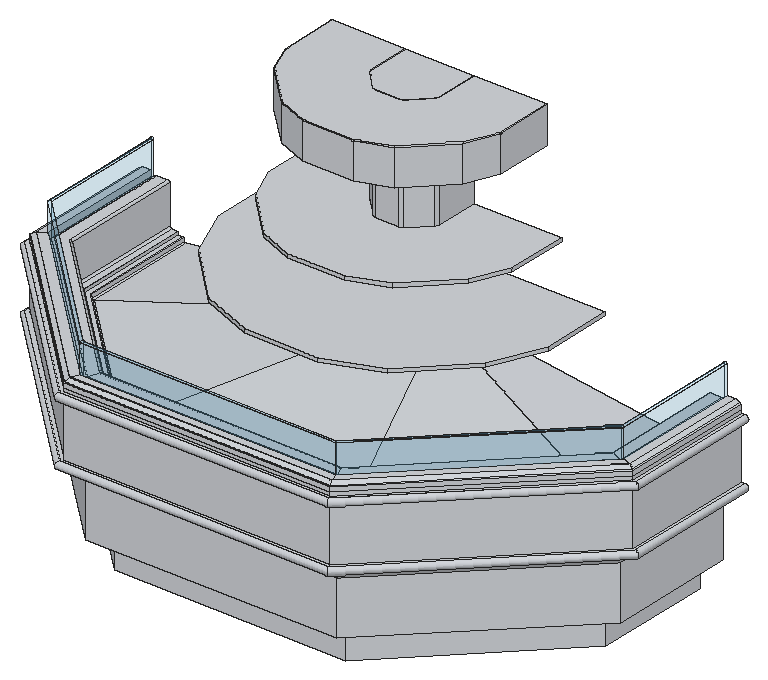
Revit family "O3EIF", category Mechanical Equipment, Revit 2019
Family settings
  Round Connector Dimension = Use Radius
  Part Type = Normal
  OmniClass Number = 23.40.40.11.17
  OmniClass Title = Refrigerated Cases
  Work Plane-Based = Yes
  Always vertical = Yes
  Cut with Voids When Loaded = No
  Shared = No
  Room Calculation Point = No
Parameters (values of type "O3EIF")
  WIDTH = 42 3/8"  # constant formula
  WEIGHT = 0.00 lbf  # constant formula
  WATER LINE MOUNTING HEIGHT ABOVE FLOOR = 0"  # constant formula
  VOLTAGE = 120 V  # constant formula
  URL = "http://www.hillphoenix.com/case-model/o3eif-produce/"
  TIME OFF DEFROST = yes
  T8 LIGHTING BTU ADD PER ROW = 80
  T8 LIGHTING AMPS = T8 LIGHTING AMPS PER ROW * (SHELF LIGHT ROWS + CORNICE AND NOSE LIGHT ROWS)  # 0.84 A
  SHELF LIGHT ROWS = 3
  REVERSE AIR DEFROST = no
  PARALLEL EVAPORATOR LOAD = (BTU PER FOOT PARALLEL * LENGTH FOR BTU) + BTU ADD FOR LIGHTS  # 19880
  LIGHTING WATTAGE = if(T8 LIGHT OR LED LIGHT, T8 LIGHTING WATTAGE, LED LIGHTING WATTAGE)  # 100.8 VA
  LIGHT AMPS = if(T8 LIGHT OR LED LIGHT, T8 LIGHTING AMPS, LED LIGHTING AMPS)  # 0.84 A
  TOTAL CASE WATTAGE = FAN WATTAGE + ANTI SWEAT HEATER WATTAGE + LIGHTING WATTAGE  # 121.8 W
  TOTAL CASE AMPS = ANTI SWEAT HEATER AMPS + FAN AMPS + LIGHT AMPS  # 1.14 A
  TOTAL APPARENT FAN-LIGHT AND A/S LOAD = TOTAL CASE WATTAGE / POWER FACTOR  # 121.8 VA
  TOEKICK INSET = 1 1/2"  # constant formula
  TOEKICK HEIGHT = 5 1/2"  # constant formula
  TOE KICK [instance] = none
  T8 LIGHTING WATTAGE = VOLTAGE * T8 LIGHTING AMPS  # 100.8 W
  T8 LIGHTING AMPS PER ROW = 0.28 A
  T8 LIGHT OR LED LIGHT = yes
  SUCTION LINE RADIUS = 7/16"  # constant formula
  SUCTION LINE DIAMETER = SUCTION LINE RADIUS * 2  # 7/8"
  SUCTION LINE CONNECTION = "SUCTION LINE CONNECTION"  # constant formula
  SIZE OF HOT WATER HOOK-UP = 0"  # constant formula
  SIZE OF COLD WATER HOOK UP = 0"  # constant formula
  SET BACK MODE FOR ENERGY CONSERVATION = "NO"  # constant formula
  RUBBER BUMPER [instance] = none
  REFRIGERATION PIPING [instance] = none
  REF PLANE LEFT RIGHT = LENGTH / 2  # 42.16602"
  REF PLANE FRONT BACK = WIDTH / 2  # 21 3/16"
  RECEPTICAL MOUNTING HEIGHT ABOVE FLOOR = 19 3/4"  # constant formula
  PVC PIPE [instance] = none
  PRESSURE REGULATOR = 0.00 psi  # constant formula
  POWER FACTOR = 1  # constant formula
  PNET NUMBER = "NA"  # constant formula
  PHASE = 1  # constant formula
  PAINTED METAL UPPER SHELF [instance] = none
  PAINTED METAL INTERIOR [instance] = none
  PAINTED METAL EXTERIOR [instance] = none
  NUMBER OF WIRES = 3  # constant formula
  NEMA PLUG TYPE = "N/A"  # constant formula
  Model = "O3EIF"
  Manufacturer = "HILL PHOENIX"  # constant formula
  MASTER BUMPER [instance] = none
  LIQUID LINE RADIUS = 3/16"  # constant formula
  LIQUID LINE DIAMETER = LIQUID LINE RADIUS * 2  # 3/8"
  LIQUID LINE CONNECTION = "LIQUID LINE CONNECTION"  # constant formula
  LIGHTING NUMBER OF POLES = 1
  LIGHTING CONNECTION DESCRIPTION = "LIGHTING CONNECTOR"  # constant formula
  LIGHTING APPARENT LOAD = (VOLTAGE * LIGHT AMPS) / POWER FACTOR  # 100.8 VA
  LIGHT TYPE = if(T8 LIGHT OR LED LIGHT, "T8 FLUORESCENT", "CLEARVOYANT LED")  # "T8 FLUORESCENT"
  LENGTH FOR BTU = LENGTH / 12"  # 7
  LENGTH = 84 85/256"  # constant formula
  LEGEND NUMBER = Model  # "O3EIF"
  LEFT END [instance] = yes
  LED LIGHTING WATTAGE = VOLTAGE * LED LIGHTING AMPS  # 28.8 W
  LED LIGHTING BTU ADD PER ROW = 36
  LED LIGHTING AMPS PER ROW = 0.08 A
  LED LIGHTING AMPS = LED LIGHTING AMPS PER ROW * (SHELF LIGHT ROWS + CORNICE AND NOSE LIGHT ROWS)  # 0.24 A
  Keynote = "Deli / Meat"  # constant formula
  ISOLATED GROUND REQUIRED = "NO"  # constant formula
  HOT GAS DEFROST = no
  HILL PHOENIX DRAWING NUMBER = "NA"  # constant formula
  HEIGHT = 52 1/8"  # constant formula
  GROUND FAULT PROTECTION = "NO"  # constant formula
  GLASS [instance] = Glass
  FRONT PANEL [instance] = none
  FAN WATTAGE = 21 W
  FAN TYPE = "ECM"  # constant formula
  FAN QUANTITY = 2
  FAN NUMBER OF POLES = 1
  FAN CONNECTOR DESCRIPTION = "FAN AND ANTI SWEAT CONNECTOR"  # constant formula
  FAN APPARENT LOAD = (VOLTAGE * FAN AMPS) / POWER FACTOR  # 36 VA
  FAN AND ANTI SWEAT HEATER APPARENT LOAD = FAN APPARENT LOAD + ANTI SWEAT APPARENT LOAD  # 36 VA
  FAN AMPS = 0.3 A
  EVAPORATOR TEMPERATURE = 22 °F  # constant formula
  EQUIPMENT MARK = "O3EIF"
  ENGINEERING CONTACT = ""  # constant formula
  END PANEL [instance] = none
  ELECTRICAL DEFROST VOLTAGE = if(ELECTRIC DEFROST, 208 V, 0 V)  # 0 V
  ELECTRIC DEFROST = no
  Description = "Multi-Deck Island End Cap Merchandiser"  # constant formula
  Default Elevation = 48"
  DRIP PAN PLUMB TYPE = "HARD"  # constant formula
  DRAIN PIPE TYPE = "PVC"  # constant formula
  DRAIN PIPE LENGTH = 0"
  DRAIN LINE RADIUS = DRAIN LINE DIAMETER / 2  # 3/4"
  DRAIN LINE DIAMETER = 1 1/2"  # constant formula
  DRAIN LINE CONNECTION = "Drain Connection"  # constant formula
  DRAIN [instance] = yes
  DISCLAIMER [instance] = yes
  DISCHARGE AIR TEMPERATURE = 30 °F  # constant formula
  DIEBOARD HEIGHT = 0"  # constant formula
  DESIGNERS NAME = "PRAVEEN.J"  # constant formula
  DEFROST WATTAGE = ELECTRICAL DEFROST VOLTAGE * DEFROST AMPS  # 0 W
  DEFROST TIME AND DURATION = if(TIME OFF DEFROST, "2 @ 60 MIN", if(HOT GAS DEFROST, "2 @ 26 MIN.", "2 @ 40 MIN."))  # "2 @ 60 MIN"
  DEFROST PHASE = 1
  DEFROST AMPS = 0 A
  DEDICATED CIRCUIT = "YES"  # constant formula
  DATE = "05/22/12"  # constant formula
  CORNICE AND NOSE LIGHT ROWS = 0
  CONVENTIONAL EVAPORATOR LOAD = (BTU PER FOOT CONVENTIONAL * LENGTH FOR BTU) + BTU ADD FOR LIGHTS  # 21532
  CONTROL TYPE = "T-STAT"  # constant formula
  COIL REFRIGERATION CHARGE = 0.00 lbf
  CERTIFICATIONS = "NSF 7, UL471, CSA"  # constant formula
  BTU PER FOOT PARALLEL = 2600  # constant formula
  BTU PER FOOT CONVENTIONAL = 2836  # constant formula
  BTU ADD PER SHELF PER FOOT = if(T8 LIGHT OR LED LIGHT, T8 LIGHTING BTU ADD PER ROW, LED LIGHTING BTU ADD PER ROW)  # 80
  BTU ADD FOR LIGHTS = BTU ADD PER SHELF PER FOOT * SHELF LIGHT ROWS * LENGTH FOR BTU  # 1680
  BOTTOM REFRIGERATION [instance] = yes
  BOTTOM ELECTRICAL [instance] = yes
  BASE HEIGHT = 10"  # constant formula
  BASE [instance] = none
  Assembly Code = ""
  ANTI SWEAT HEATER WATTAGE = ANTI SWEAT HEATER AMPS * VOLTAGE  # 0 W
  ANTI SWEAT HEATER AMPS = 0 A
  ANTI SWEAT APPARENT LOAD = (ANTI SWEAT HEATER AMPS * VOLTAGE) * POWER FACTOR  # 0 VA
Types (2): name
  O3EIF
  o3eif 2 for schedule use
Reference planes (in)
  plane 1: z = 0.0196313
  plane 2 "CASE BACK": y = -13.7404381
  plane 3 "CENTER(LEFT/RIGHT)": x = 42.1660156
  plane 4 "CENTER(FRONT/BACK)": y = -34.9279381
  plane 5: y = -56.1154381
  plane 6: z = 10
  plane 7: z = 0
  plane 8: z = 23
  plane 9: z = 14.625
  plane 10: z = 25.0165477
  plane 11: z = 0
  plane 12: z = 52.0335013
  plane 13 "LEFT": x = -0.0949842
  plane 14: x = 84.4271164
  plane 15: x = 6.4675158
Forms (in)
  Sweep 1, solid, material <- "BASE"
    path origin (0, 0, 0) x (1, 0, 0) y (0, 1, 0)
      loop
        line (72.7001845, -13.7404381) -> (72.7001845, -27.7331042) -> (55.9458379, -44.4774381) -> (28.3862944, -44.4774381) -> (11.6319478, -27.7331042) -> (11.6319478, -13.7404381)
    profile origin (11.6319478, -20.7367711, 0) x (-1, 0, 0) y (0, 0, 1)
      loop
        line (5.0307634, 4.633987) -> (8.2704478, 4.633987) -> (8.2704478, 12.0471682) -> (4.6364372, 9.0242705) -> (0.0858323, 9.0242705) -> (0.0858323, 0.203)
        arc (0.0858323, 0.203) -> (0.1452896, 0.0594573) -> (0.2888323, 0) r 0.203
        line (0.2888323, 0) -> (5.0298399, 0) -> (5.0307634, 4.633987)
  Sweep 2, solid, material <- "RUBBER BUMPER"
    path origin (0, 0, 0) x (1, 0, 0) y (0, 1, 0)
      loop
        line (0.8819478, -13.7404381) -> (0.8819478, -32.1877823) -> (23.9353807, -55.2274381) -> (60.3967515, -55.2274381) -> (83.4501845, -32.1877823) -> (83.4501845, -13.7404381)
    profile origin (0.8819478, -22.9641102, 0) x (1, 0, 0) y (0, 0, 1)
      loop
        arc (-0.476932, 23.506245) -> (-0.976932, 23.006245) -> (-0.476932, 22.506245) r 0.5
        line (-0.476932, 22.506245) -> (0.0455353, 22.506245) -> (0.0455353, 23.506245) -> (-0.476932, 23.506245)
      loop
        line (-0.476932, 14.094273) -> (0.0455353, 14.094273) -> (0.0455353, 15.094273) -> (-0.476932, 15.094273)
        arc (-0.476932, 15.094273) -> (-0.976932, 14.594273) -> (-0.476932, 14.094273) r 0.5
  Sweep 3, solid, material <- "MASTER BUMPER"
    path origin (0, 0, 0) x (1, 0, 0) y (0, 1, 0)
      loop
        line (3.3615, -13.7404381) -> (3.3615, -31.160284) -> (24.9620107, -52.7478859) -> (59.3701215, -52.7478859) -> (80.9706323, -31.160284) -> (80.9706323, -13.7404381)
    profile origin (3.3615, -22.4503611, 0) x (1, 0, 0) y (0, 0, 1)
      loop
        line (-2.4343319, 23.9249842) -> (-2.434, 14.0942743) -> (-2.4169218, 14.0576501) -> (3.6340106, 9.0242718) -> (10.7785785, 9.0242718) -> (10.7785785, 11.4684693) -> (3.9751353, 11.2831545) -> (-0.2214215, 14.9250589) -> (-0.2214215, 23.9249842) -> (-2.4343319, 23.9249842)
  Sweep 4, solid, material <- "PAINTED METAL UPPER SHELF"
    path origin (0, 0, 0) x (1, 0, 0) y (0, 1, 0)
      loop
        line (46.7208617, -13.7404389) -> (46.7208617, -19.5730885) -> (46.5265547, -20.0129004) -> (44.1918151, -22.3768403) -> (43.750282, -22.5477837) -> (40.565124, -22.5477837) -> (40.1281816, -22.372764) -> (37.7909676, -20.02098) -> (37.6111695, -19.586909) -> (37.6111695, -13.7404389)
    profile origin (37.6111695, -16.663674, 0) x (-1, 0, 0) y (0, 0, 1)
      loop
        line (0.1259359, 29.3888908) -> (0.1259359, 26.693671) -> (1.6108169, 26.7588908) -> (14.7508169, 28.6988908) -> (14.7508169, 28.8888908) -> (18.1308169, 28.8888908) -> (18.1308169, 29.3888908) -> (0.1259359, 29.3888908)
      loop
        line (0.1259359, 33.678478) -> (1.6108169, 33.7588908) -> (8.7508169, 35.6388908) -> (8.7508169, 35.8888908) -> (12.1308169, 35.8888908) -> (12.1308169, 36.3888908) -> (0.1259359, 36.3888908) -> (0.1259359, 33.678478)
  Extrusion 5, solid, material <- "PAINTED METAL INTERIOR"
    sketch origin (0, 0, 0) x (1, 0, 0) y (0, 1, 0)
      loop
        line (37.4852336, -19.6119592) -> (37.6841265, -20.0921291) -> (40.0571981, -22.4799943) -> (40.5408397, -22.6737196) -> (43.7738097, -22.6737196) -> (44.2624519, -22.4845374) -> (46.6324049, -20.0849437) -> (46.8467976, -19.5996683) -> (46.8467976, -13.7404389) -> (37.4852336, -13.7404389) -> (37.4852336, -19.6119592)
    from 2.949 to 52.0335013
  Sweep 6, solid, material <- "PAINTED METAL EXTERIOR"
    path origin (0, 0, 0) x (1, 0, 0) y (0, 1, 0)
      loop
        line (46.7208617, -13.7404389) -> (46.7208617, -19.5730885) -> (46.5265547, -20.0129004) -> (44.1918151, -22.3768403) -> (43.750282, -22.5477837) -> (40.565124, -22.5477837) -> (40.1281816, -22.372764) -> (37.7909676, -20.02098) -> (37.6111695, -19.586909) -> (37.6111695, -13.7404389)
    profile origin (37.6111695, -16.663674, 0) x (-1, 0, 0) y (0, 0, 1)
      loop
        arc (10.1836359, 51.9420013) -> (10.1567133, 52.0065788) -> (10.0921359, 52.0335013) r 0.0919228
        line (10.0921359, 52.0335013) -> (0.1259359, 52.0335013) -> (0.1259359, 47.3355487) -> (0.9334428, 47.25159) -> (1.0050063, 47.2748424) -> (2.584189, 48.696745) -> (2.659604, 48.7006973) -> (3.3674938, 48.1863852) -> (3.3807677, 48.1025771) -> (3.2338214, 47.9003228) -> (3.2167041, 47.8273289) -> (3.2601522, 47.7670735) -> (3.334152, 47.757036) -> (4.4774746, 48.0443641) -> (5.8050678, 48.0443641) -> (5.8521938, 48.0574333) -> (9.2381151, 50.0863178) -> (9.6761151, 50.0863178) -> (9.7386151, 50.0238178) -> (9.7386151, 47.0103178) -> (10.1836359, 47.0103178) -> (10.1836359, 51.9420013)
  Sweep 7, solid, material <- "PAINTED METAL INTERIOR"
    path origin (0, 0, 0) x (1, 0, 0) y (0, 1, 0)
      loop
        line (76.9954969, -13.7404381) -> (76.9954969, -29.513033) -> (57.7242625, -48.7727505) -> (26.6078698, -48.7727505) -> (7.3366353, -29.513033) -> (7.3366353, -13.7404381)
    profile origin (7.3366353, -21.6267355, 0) x (-1, 0, 0) y (0, 0, 1)
      loop
        arc (2.0890796, 18.9660861) -> (2.0158563, 18.7893094) -> (1.8390796, 18.7160861) r 0.25
        line (1.8390796, 18.7160861) -> (0.9613296, 18.7160861) -> (0.9010796, 18.6558361) -> (0.9010796, 18.2795361) -> (0.2160796, 18.2795361) -> (0.1558296, 18.2192861) -> (0.1558296, 17.7170361) -> (-0.1083647, 17.6764781) -> (-30.0339334, 21.4981739) -> (-30.0339334, 21.4008415) -> (-30.1485983, 21.4008415) -> (-30.1485983, 12.1043523) -> (-0.0000015, 11.2831533) -> (4.1965569, 14.9250589) -> (4.1965569, 24.0147939) -> (4.1520796, 24.1017298) -> (4.1520796, 24.2820861)
        arc (4.1520796, 24.2820861) -> (4.0703624, 24.4793689) -> (3.8730796, 24.5610861) r 0.279
        line (3.8730796, 24.5610861) -> (2.3680796, 24.5605393)
        arc (2.3680796, 24.5605393) -> (2.1771344, 24.4728589) -> (2.0890796, 24.2820861) r 0.3031056
        line (2.0890796, 24.2820861) -> (2.0890796, 18.9660861)
  Sweep 8, solid, material "Glass" <- "GLASS"
    path origin (0, 0, 0) x (1, 0, 0) y (0, 1, 0)
      loop
        line (7.445, -13.7404381) -> (7.445, -29.4681279) -> (26.6527369, -48.6643859) -> (57.6793954, -48.6643859) -> (76.8871323, -29.4681279) -> (76.8871323, -13.7404381)
    profile origin (7.445, -21.604283, 0) x (1, 0, 0) y (0, 0, 1)
      loop
        line (-4.3049215, 24.1238648) -> (-4.3049215, 28.8743648)
        arc (-4.3049215, 28.8743648) -> (-4.4924215, 29.0618648) -> (-4.6799215, 28.8743648) r 0.1875
        line (-4.6799215, 28.8743648) -> (-4.6799215, 24.1238648) -> (-4.3049215, 24.1238648)
  Sweep 9, solid, material <- "PAINTED METAL EXTERIOR"
    path origin (0, 0, 0) x (1, 0, 0) y (0, 1, 0)
      loop
        line (70.1920538, -13.7404381) -> (70.1920538, -26.6937633) -> (54.9073752, -41.9693074) -> (29.424757, -41.9693074) -> (14.1400785, -26.6937633) -> (14.1400785, -13.7404381)
    profile origin (14.1400785, -20.2171007, 0) x (-1, 0, 0) y (0, 0, 1)
      loop
        line (11.3988063, 25.0147752) -> (11.3988063, 24.1358093) -> (10.9555228, 24.1358093) -> (10.9555228, 24.1017298) -> (11, 24.0147939) -> (11, 23.9249842) -> (13.2129104, 23.9249842) -> (13.212932, 24.5628512) -> (13.117029, 24.68627) -> (12.5627728, 25.00627) -> (12.5244161, 25.0165477) -> (11.3988063, 25.0147752)
  Extrusion 10, solid, material <- "PAINTED METAL INTERIOR"
    sketch origin (-240, -13.7404381, 81.6720687) x (0, 0, 1) y (-1, 0, 0)
      loop
        line (-70.2036007, -310.1920538) -> (-69.5677164, -286.8468986) -> (-69.6249005, -286.8468986) -> (-69.6249005, -277.4852336) -> (-69.5677164, -277.4852336) -> (-70.2036007, -254.1400785) -> (-72.6477969, -254.1400785) -> (-72.6477969, -310.1920538) -> (-70.2036007, -310.1920538)
    from 0 to 24.1414177
  Sweep 11, solid, material <- "BASE"
    path origin (0, 0, 0) x (1, 0, 0) y (0, 1, 0)
      loop
        line (46.7208617, -13.7404389) -> (46.7208617, -19.5730885) -> (46.5265547, -20.0129004) -> (44.1918151, -22.3768403) -> (43.750282, -22.5477837) -> (40.565124, -22.5477837) -> (40.1281816, -22.372764) -> (37.7909676, -20.02098) -> (37.6111695, -19.586909) -> (37.6111695, -13.7404389)
    profile origin (37.6111695, -16.663674, 0) x (-1, 0, 0) y (0, 0, 1)
      loop
        line (26.065054, 9.0242705) -> (0.1259359, 9.0242705) -> (0.1259359, 2.949) -> (26.065054, 2.949) -> (26.065054, 9.0242705)
  Extrusion 12, void
    sketch origin (0, 0, 0) x (1, 0, 0) y (0, 1, 0)
      loop
        circle (42.1661127, -44.1709328) r 1
    from 0 to 5
  Extrusion 13, solid, material <- "PVC PIPE", visible <- "DRAIN"
    sketch origin (0, 0, 0) x (1, 0, 0) y (0, 1, 0)
      loop
        circle (42.1661127, -44.1709328) r 0.75
    from 0 to 10
  Extrusion 14, void
    sketch origin (0, 0, 0) x (1, 0, 0) y (0, 1, 0)
      loop
        line (15.5861025, -29.0567677) -> (11.2357295, -33.3976095) -> (20.3686469, -42.55058) -> (24.7190199, -38.2097382) -> (15.5861025, -29.0567677)
    from 0.9128478 to 10
  Extrusion 15, void
    sketch origin (0, 0, 0) x (1, 0, 0) y (0, 1, 0)
      loop
        circle (65.9778707, -34.9279381) r 1.25
    from 0 to 10
  Extrusion 16, solid, material <- "REFRIGERATION PIPING", visible <- "BOTTOM REFRIGERATION"
    sketch origin (0, 0, 0) x (1, 0, 0) y (0, 1, 0)
      loop
        circle (66.4778707, -34.9279381) r 0.4375
      loop
        circle (65.4778707, -34.9279381) r 0.1875
    from 0 to 10
Cuts and joins
  Extrusion 12, Extrusion 14, Extrusion 15 cuts Sweep 1
  Extrusion 12, Extrusion 14, Extrusion 15 cuts Sweep 3
  Extrusion 12, Extrusion 14, Extrusion 15 cuts Sweep 11
  Extrusion 14, Extrusion 15 cuts Extrusion 10
Text (in)
  text "12\"" at (49.6594168, 0, 42.0058428), in view "Front"
  text "12\"" at (31.1594168, 0, 42.0058428), in view "Front"
  text "18\"" at (31.1594168, 0, 32.7558428), in view "Front"
  text "18\"" at (50.6594168, 0, 32.7558428), in view "Front"
Dimensions and locks (in)
  "REF PLANE FRONT BACK": plane 4 "CENTER(FRONT/BACK)" to plane 2 "CASE BACK"
  "WIDTH": plane 2 "CASE BACK" to plane 5
  "BASE HEIGHT": plane 6 to level
  locked: Extrusion 13 sketch curve to plane 3 "CENTER(LEFT/RIGHT)" at 0.7499029
  locked: Extrusion 12 sketch curve to plane 3 "CENTER(LEFT/RIGHT)" at 0.9999029
  Sweep 6 to Sweep 6 = 29.47696"
  Sweep 6 to Sweep 7 = 25.75342"
  Sweep 7 to Extrusion 5 = 32.23768"
  cut or joined group of Sweep 3, Extrusion 12, Extrusion 14, Extrusion 15 to level = 9.02427"  (x2)
  Sweep 2 to plane 15 = 6 9/16"
  cut or joined group of Sweep 1, Extrusion 12, Extrusion 14, Extrusion 15 to cut or joined group of Sweep 1, Extrusion 12, Extrusion 14, Extrusion 15 = 4.94405"
  cut or joined group of Sweep 1, Extrusion 12, Extrusion 14, Extrusion 15 to cut or joined group of Sweep 1, Extrusion 12, Extrusion 14, Extrusion 15 = 61.2399"
  Sweep 8 to level = 29.06186"
  plane 8 to level = 23"
  plane 9 to level = 14 5/8"
  plane 10 to level = 25.01655"
  Sweep 6 to level = 52.0335"
  plane 14 to plane 13 "LEFT" = 84.5221"
Automatic sketch dimensions
  Sweep 1 sketch curve to level = 0"
  Sweep 1 sketch curve to Sweep 1 sketch curve = 0.203"
  level to Sweep 1 sketch curve = 9.02427"
  Sweep 1 sketch curve to Sweep 1 sketch curve = 4.5506"
  Sweep 1 sketch curve to Sweep 1 sketch curve = 4.74101"
  Sweep 1 sketch curve to Sweep 1 sketch curve = 0.39433"
  Sweep 1 sketch curve to Sweep 1 sketch curve = 3.63401"
  Sweep 1 sketch curve to Sweep 1 sketch curve = 4.39028"
  Sweep 1 sketch curve to Sweep 1 sketch curve = 3.0229"
  Sweep 1 sketch curve to profile plane = 0.08583"
  plane 2 "CASE BACK" to Sweep 1 sketch curve = 0"  (x2)
  Sweep 1 sketch curve to plane 3 "CENTER(LEFT/RIGHT)" = 13.77972"
  plane 3 "CENTER(LEFT/RIGHT)" to Sweep 1 sketch curve = 13.77982"
  Sweep 1 sketch curve to plane 4 "CENTER(FRONT/BACK)" = 7.19483"  (x2)
  plane 4 "CENTER(FRONT/BACK)" to Sweep 1 sketch curve = 9.5495"
  plane 2 "CASE BACK" to Sweep 2 sketch curve = 0"  (x2)
  Sweep 2 sketch curve to plane 4 "CENTER(FRONT/BACK)" = 2.74016"  (x2)
  Sweep 2 sketch curve to plane 5 = 0.888"
  plane 2 "CASE BACK" to Sweep 3 sketch curve = 0"  (x2)
  Sweep 3 sketch curve to plane 5 = 3.36755"
  Sweep 3 sketch curve to plane 3 "CENTER(LEFT/RIGHT)" = 17.204"
  Sweep 3 sketch curve to plane 4 "CENTER(FRONT/BACK)" = 3.76765"  (x2)
  plane 3 "CENTER(LEFT/RIGHT)" to Sweep 3 sketch curve = 17.20411"
  profile plane to Sweep 3 sketch curve = 2.43433"
  level to Sweep 3 sketch curve = 14.09427"
  Sweep 3 sketch curve to Sweep 3 sketch curve = 0.00033"
  level to Sweep 3 sketch curve = 14.05765"
  Sweep 3 sketch curve to Sweep 3 sketch curve = 0.01708"
  Sweep 3 sketch curve to Sweep 3 sketch curve = 2.21291"
  Sweep 3 sketch curve to Sweep 3 sketch curve = 3.85543"
  level to Sweep 3 sketch curve = 11.28315"
  Sweep 3 sketch curve to Sweep 3 sketch curve = 0.34112"
  Sweep 3 sketch curve to Sweep 3 sketch curve = 7.14457"
  Sweep 3 sketch curve to Sweep 3 sketch curve = 2.25888"
  Sweep 3 sketch curve to Sweep 3 sketch curve = 2.4442"
  Sweep 3 sketch curve to Sweep 3 sketch curve = 0.86741"
  Sweep 3 sketch curve to Sweep 3 sketch curve = 8.99993"
  Sweep 4 sketch curve to profile plane = 0.12594"
  Sweep 4 sketch curve to Sweep 4 sketch curve = 0"
  Sweep 4 sketch curve to Sweep 4 sketch curve = 1.48488"  (x2)
  Sweep 4 sketch curve to profile plane = 8.75082"
  Sweep 4 sketch curve to profile plane = 12.13082"
  Sweep 4 sketch curve to profile plane = 14.75082"
  Sweep 4 sketch curve to Sweep 4 sketch curve = 3.38"
  level to Sweep 4 sketch curve = 26.69367"
  Sweep 4 sketch curve to Sweep 4 sketch curve = 0.06522"
  Sweep 4 sketch curve to Sweep 4 sketch curve = 1.94"
  Sweep 4 sketch curve to Sweep 4 sketch curve = 0.19"
  Sweep 4 sketch curve to Sweep 4 sketch curve = 1/2"  (x2)
  Sweep 4 sketch curve to Sweep 4 sketch curve = 4.28959"
  Sweep 4 sketch curve to Sweep 4 sketch curve = 0.08041"
  Sweep 4 sketch curve to Sweep 4 sketch curve = 1.88"
  Sweep 4 sketch curve to Sweep 4 sketch curve = 1/4"
  plane 2 "CASE BACK" to Sweep 4 sketch curve = 0"  (x2)
  Sweep 4 sketch curve to plane 3 "CENTER(LEFT/RIGHT)" = 4.55485"
  Sweep 4 sketch curve to Sweep 4 sketch curve = 0.1798"
  Sweep 4 sketch curve to Sweep 4 sketch curve = 5.84647"
  Sweep 4 sketch curve to Sweep 4 sketch curve = 0.43407"
  Sweep 4 sketch curve to plane 3 "CENTER(LEFT/RIGHT)" = 2.03783"
  Sweep 4 sketch curve to Sweep 4 sketch curve = 2.35178"
  Sweep 4 sketch curve to Sweep 4 sketch curve = 0.43694"
  Sweep 4 sketch curve to Sweep 4 sketch curve = 0.17502"
  plane 3 "CENTER(LEFT/RIGHT)" to Sweep 4 sketch curve = 1.58427"
  Sweep 4 sketch curve to Sweep 4 sketch curve = 0.44153"
  Sweep 4 sketch curve to Sweep 4 sketch curve = 0.17094"
  Sweep 4 sketch curve to Sweep 4 sketch curve = 2.33474"
  Sweep 4 sketch curve to Sweep 4 sketch curve = 2.36394"
  Sweep 4 sketch curve to Sweep 4 sketch curve = 0.19431"
  Sweep 4 sketch curve to Sweep 4 sketch curve = 0.43981"
  plane 2 "CASE BACK" to Sweep 6 sketch curve = 0"  (x2)
  Sweep 6 sketch curve to plane 3 "CENTER(LEFT/RIGHT)" = 4.55485"
  Sweep 6 sketch curve to Sweep 6 sketch curve = 0.1798"
  Sweep 6 sketch curve to Sweep 6 sketch curve = 5.84647"
  Sweep 6 sketch curve to Sweep 6 sketch curve = 0.43407"
  Sweep 6 sketch curve to plane 3 "CENTER(LEFT/RIGHT)" = 2.03783"
  Sweep 6 sketch curve to Sweep 6 sketch curve = 2.35178"
  Sweep 6 sketch curve to Sweep 6 sketch curve = 0.43694"
  Sweep 6 sketch curve to Sweep 6 sketch curve = 0.17502"
  plane 3 "CENTER(LEFT/RIGHT)" to Sweep 6 sketch curve = 1.58427"
  Sweep 6 sketch curve to Sweep 6 sketch curve = 0.44153"
  Sweep 6 sketch curve to Sweep 6 sketch curve = 0.17094"
  Sweep 6 sketch curve to Sweep 6 sketch curve = 2.33474"
  Sweep 6 sketch curve to Sweep 6 sketch curve = 2.36394"
  Sweep 6 sketch curve to Sweep 6 sketch curve = 0.19431"
  Sweep 6 sketch curve to Sweep 6 sketch curve = 0.43981"
  plane 2 "CASE BACK" to Sweep 7 sketch curve = 0"  (x2)
  Sweep 7 sketch curve to plane 5 = 7.34269"
  Sweep 7 sketch curve to plane 3 "CENTER(LEFT/RIGHT)" = 15.55815"
  Sweep 7 sketch curve to plane 4 "CENTER(FRONT/BACK)" = 5.41491"  (x2)
  plane 3 "CENTER(LEFT/RIGHT)" to Sweep 7 sketch curve = 15.55825"
  profile plane to Sweep 7 sketch curve = 0.10836"
  Sweep 7 sketch curve to Sweep 7 sketch curve = 0.11466"
  Sweep 7 sketch curve to profile plane = 0.15583"
  Sweep 7 sketch curve to Sweep 7 sketch curve = 0.06025"  (x4)
  Sweep 7 sketch curve to Sweep 7 sketch curve = 0.685"
  Sweep 7 sketch curve to Sweep 7 sketch curve = 0.87775"
  Sweep 7 sketch curve to Sweep 7 sketch curve = 1/4"
  Sweep 7 sketch curve to Sweep 7 sketch curve = 0.279"  (x2)
  Sweep 7 sketch curve to Sweep 7 sketch curve = 0.02317"
  Sweep 7 sketch curve to Sweep 7 sketch curve = 1.48183"
  Sweep 7 sketch curve to profile plane = 4.19656"
  level to Sweep 7 sketch curve = 11.28315"
  level to Sweep 7 sketch curve = 12.10435"
  Sweep 7 sketch curve to Sweep 7 sketch curve = 3.64191"
  Sweep 7 sketch curve to Sweep 7 sketch curve = 2.75142"
  Sweep 7 sketch curve to Sweep 7 sketch curve = 0.04056"
  Sweep 7 sketch curve to Sweep 7 sketch curve = 0.50225"
  Sweep 7 sketch curve to Sweep 7 sketch curve = 0.3763"
  Sweep 7 sketch curve to Sweep 7 sketch curve = 9.29649"
  Sweep 7 sketch curve to Sweep 7 sketch curve = 0.09733"
  Sweep 7 sketch curve to Sweep 7 sketch curve = 5.04871"
  Sweep 7 sketch curve to Sweep 7 sketch curve = 0.08694"
  Sweep 7 sketch curve to Sweep 7 sketch curve = 0.15659"
  Sweep 7 sketch curve to Sweep 7 sketch curve = 0.18036"
  Sweep 7 sketch curve to Sweep 7 sketch curve = 0.02377"
  profile plane to Sweep 7 sketch curve = 0"
  profile plane to Sweep 7 sketch curve = 30.03393"
  plane 2 "CASE BACK" to Sweep 8 sketch curve = 0"  (x2)
  Sweep 8 sketch curve to plane 5 = 7.45105"
  Sweep 8 sketch curve to plane 3 "CENTER(LEFT/RIGHT)" = 15.51328"
  Sweep 8 sketch curve to plane 4 "CENTER(FRONT/BACK)" = 5.45981"  (x2)
  plane 3 "CENTER(LEFT/RIGHT)" to Sweep 8 sketch curve = 15.51338"
  profile plane to Sweep 8 sketch curve = 4.67992"
  Sweep 8 sketch curve to Sweep 8 sketch curve = 3/16"
  level to Sweep 8 sketch curve = 24.12386"
  Sweep 8 sketch curve to Sweep 8 sketch curve = 4.7505"
  plane 2 "CASE BACK" to Sweep 9 sketch curve = 0"  (x2)
  Sweep 9 sketch curve to plane 3 "CENTER(LEFT/RIGHT)" = 12.74126"
  Sweep 9 sketch curve to plane 4 "CENTER(FRONT/BACK)" = 8.23417"  (x2)
  plane 4 "CENTER(FRONT/BACK)" to Sweep 9 sketch curve = 7.04137"
  plane 3 "CENTER(LEFT/RIGHT)" to Sweep 9 sketch curve = 12.74136"
  level to Sweep 9 sketch curve = 24.13581"
  Sweep 9 sketch curve to profile plane = 10.95552"
  Sweep 9 sketch curve to Sweep 9 sketch curve = 0.04448"
  Sweep 9 sketch curve to Sweep 9 sketch curve = 0.39881"
  Sweep 9 sketch curve to Sweep 9 sketch curve = 1.12561"
  Sweep 9 sketch curve to Sweep 9 sketch curve = 0.03836"
  Sweep 9 sketch curve to Sweep 9 sketch curve = 0.55426"
  Sweep 9 sketch curve to Sweep 9 sketch curve = 0.09588"
  Sweep 9 sketch curve to Sweep 9 sketch curve = 0.0959"
  Sweep 9 sketch curve to Sweep 9 sketch curve = 0.03408"
  Sweep 9 sketch curve to Sweep 9 sketch curve = 0.08694"
  Sweep 9 sketch curve to Sweep 9 sketch curve = 0.08981"
  Sweep 9 sketch curve to Sweep 9 sketch curve = 0.63787"
  Sweep 9 sketch curve to Sweep 9 sketch curve = 0.12342"
  Sweep 9 sketch curve to Sweep 9 sketch curve = 0.32"
  Sweep 9 sketch curve to Sweep 9 sketch curve = 0.87897"
  Sweep 9 sketch curve to Sweep 9 sketch curve = 0.01028"
  Extrusion 10 sketch curve to plane 6 = 0.97573"
  plane 6 to Extrusion 10 sketch curve = 1.46847"  (x2)
  plane 6 to Extrusion 10 sketch curve = 2.10435"  (x2)
  Extrusion 10 sketch curve to Extrusion 10 sketch curve = 0.05718"
  plane 3 "CENTER(LEFT/RIGHT)" to Extrusion 10 sketch curve = 4.68088"
  Extrusion 10 sketch curve to plane 3 "CENTER(LEFT/RIGHT)" = 4.68078"
  plane 2 "CASE BACK" to Sweep 11 sketch curve = 0"  (x2)
  Sweep 11 sketch curve to plane 3 "CENTER(LEFT/RIGHT)" = 4.55485"
  Sweep 11 sketch curve to Sweep 11 sketch curve = 0.1798"
  Sweep 11 sketch curve to Sweep 11 sketch curve = 5.84647"
  Sweep 11 sketch curve to Sweep 11 sketch curve = 0.43407"
  Sweep 11 sketch curve to plane 3 "CENTER(LEFT/RIGHT)" = 2.03783"
  Sweep 11 sketch curve to Sweep 11 sketch curve = 2.35178"
  Sweep 11 sketch curve to Sweep 11 sketch curve = 0.43694"
  Sweep 11 sketch curve to Sweep 11 sketch curve = 0.17502"
  plane 3 "CENTER(LEFT/RIGHT)" to Sweep 11 sketch curve = 1.58427"
  Sweep 11 sketch curve to Sweep 11 sketch curve = 0.44153"
  Sweep 11 sketch curve to Sweep 11 sketch curve = 0.17094"
  Sweep 11 sketch curve to Sweep 11 sketch curve = 2.33474"
  Sweep 11 sketch curve to Sweep 11 sketch curve = 2.36394"
  Sweep 11 sketch curve to Sweep 11 sketch curve = 0.19431"
  Sweep 11 sketch curve to Sweep 11 sketch curve = 0.43981"
  Sweep 11 sketch curve to profile plane = 0.12594"
  level to Sweep 11 sketch curve = 2.949"
  Sweep 11 sketch curve to Sweep 11 sketch curve = 25.93912"
  Sweep 11 sketch curve to Sweep 11 sketch curve = 6.07527"
  plane 3 "CENTER(LEFT/RIGHT)" to Extrusion 12 sketch curve = 0.0001"
  plane 4 "CENTER(FRONT/BACK)" to Extrusion 12 sketch curve = 9.24299"
  plane 3 "CENTER(LEFT/RIGHT)" to Extrusion 13 sketch curve = 0.0001"
  plane 4 "CENTER(FRONT/BACK)" to Extrusion 13 sketch curve = 9.24299"
  Extrusion 14 sketch curve to plane 4 "CENTER(FRONT/BACK)" = 1.53033"
  Extrusion 14 sketch curve to plane 4 "CENTER(FRONT/BACK)" = 5.87117"
  Extrusion 14 sketch curve to Extrusion 14 sketch curve = 4.35037"
  plane 4 "CENTER(FRONT/BACK)" to Extrusion 14 sketch curve = 3.2818"
  Extrusion 5 sketch curve to plane 3 "CENTER(LEFT/RIGHT)" = 4.68078"
  plane 2 "CASE BACK" to Extrusion 5 sketch curve = 0"
  plane 4 "CENTER(FRONT/BACK)" to Extrusion 15 sketch curve = 0"
  Extrusion 16 sketch curve to Extrusion 16 sketch curve = 1"
  Extrusion 16 sketch curve to Extrusion 16 sketch curve = 0"
  plane 4 "CENTER(FRONT/BACK)" to Extrusion 16 sketch curve = 0"
  Sweep 6 sketch curve to Sweep 6 sketch curve = 0.80751"
  Sweep 6 sketch curve to Sweep 6 sketch curve = 0.07156"
  Sweep 6 sketch curve to Sweep 6 sketch curve = 1.57918"
  Sweep 6 sketch curve to Sweep 6 sketch curve = 0.07541"
  Sweep 6 sketch curve to Sweep 6 sketch curve = 0.5571"
  Sweep 6 sketch curve to Sweep 6 sketch curve = 0.01712"
  Sweep 6 sketch curve to Sweep 6 sketch curve = 0.04345"
  Sweep 6 sketch curve to Sweep 6 sketch curve = 0.074"
  Sweep 6 sketch curve to Sweep 6 sketch curve = 0.13367"
  Sweep 6 sketch curve to Sweep 6 sketch curve = 0.01327"
  Sweep 6 sketch curve to Sweep 6 sketch curve = 1.09671"
  Sweep 6 sketch curve to Sweep 6 sketch curve = 1.32759"
  Sweep 6 sketch curve to Sweep 6 sketch curve = 0.04713"
  Sweep 6 sketch curve to Sweep 6 sketch curve = 3.38592"
  Sweep 6 sketch curve to Sweep 6 sketch curve = 0.438"
  Sweep 6 sketch curve to Sweep 6 sketch curve = 1/16"  (x2)
  Sweep 6 sketch curve to Sweep 6 sketch curve = 0.4156"
  Sweep 6 sketch curve to Sweep 6 sketch curve = 0.00042"  (x2)
  Sweep 6 sketch curve to Sweep 6 sketch curve = 0.44502"
  level to Sweep 6 sketch curve = 47.01032"
  Sweep 6 sketch curve to Sweep 6 sketch curve = 0.24127"
  Sweep 6 sketch curve to Sweep 6 sketch curve = 0.02325"
  Sweep 6 sketch curve to Sweep 6 sketch curve = 0.08396"
  Sweep 6 sketch curve to Sweep 6 sketch curve = 0.48219"
  Sweep 6 sketch curve to Sweep 6 sketch curve = 0.01004"
  Sweep 6 sketch curve to Sweep 6 sketch curve = 0.06026"
  Sweep 6 sketch curve to Sweep 6 sketch curve = 0.07299"
  Sweep 6 sketch curve to Sweep 6 sketch curve = 0.28733"
  Sweep 6 sketch curve to Sweep 6 sketch curve = 0.01307"
  Sweep 6 sketch curve to Sweep 6 sketch curve = 0.20225"
  Sweep 6 sketch curve to Sweep 6 sketch curve = 0.08381"
  Sweep 6 sketch curve to Sweep 6 sketch curve = 0.51036"
  Sweep 6 sketch curve to Sweep 6 sketch curve = 0.00395"
  Sweep 6 sketch curve to Sweep 6 sketch curve = 3.0135"
  Sweep 6 sketch curve to Sweep 6 sketch curve = 1.85526"
  plane 13 "LEFT" to Sweep 1 sketch curve = 11.72693"
  plane 13 "LEFT" to Sweep 2 sketch curve = 0.97693"
  plane 13 "LEFT" to Sweep 3 sketch curve = 3.45648"
  plane 13 "LEFT" to Sweep 7 sketch curve = 7.43162"
  plane 13 "LEFT" to Sweep 8 sketch curve = 7.53998"
  plane 13 "LEFT" to Sweep 9 sketch curve = 14.23506"
  plane 13 "LEFT" to Extrusion 10 sketch curve = 14.23506"
  plane 13 "LEFT" to Extrusion 14 sketch curve = 11.33071"
  Sweep 1 sketch curve to Sweep 1 sketch curve = 16.75435"
  Sweep 3 sketch curve to Sweep 3 sketch curve = 21.60051"
  Sweep 7 sketch curve to Sweep 7 sketch curve = 19.27123"
  Sweep 8 sketch curve to Sweep 8 sketch curve = 19.20774"
  Sweep 9 sketch curve to Sweep 9 sketch curve = 15.28468"
  Extrusion 10 sketch curve to Extrusion 10 sketch curve = 23.34516"
  plane 3 "CENTER(LEFT/RIGHT)" to Extrusion 15 sketch curve = 23.81186"
  plane 3 "CENTER(LEFT/RIGHT)" to Extrusion 16 sketch curve = 23.31186"
  Sweep 6 sketch curve to profile plane = 0.12594"
  plane 3 "CENTER(LEFT/RIGHT)" to Extrusion 5 sketch curve = 4.68078"
  Extrusion 5 sketch curve to Extrusion 5 sketch curve = 5.87152"
  Extrusion 5 sketch curve to Extrusion 5 sketch curve = 5.85923"
  Extrusion 5 sketch curve to Extrusion 5 sketch curve = 0.19889"
  Extrusion 5 sketch curve to Extrusion 5 sketch curve = 0.48017"
  Extrusion 5 sketch curve to plane 3 "CENTER(LEFT/RIGHT)" = 2.10882"
  Extrusion 5 sketch curve to Extrusion 5 sketch curve = 2.38787"
  Extrusion 5 sketch curve to Extrusion 5 sketch curve = 0.48364"
  Extrusion 5 sketch curve to Extrusion 5 sketch curve = 0.19373"
  plane 3 "CENTER(LEFT/RIGHT)" to Extrusion 5 sketch curve = 1.60779"
  Extrusion 5 sketch curve to Extrusion 5 sketch curve = 0.48864"
  Extrusion 5 sketch curve to Extrusion 5 sketch curve = 0.18918"
  Extrusion 5 sketch curve to Extrusion 5 sketch curve = 0.21439"
  Extrusion 5 sketch curve to Extrusion 5 sketch curve = 0.48528"
  profile plane to Sweep 2 sketch curve = 0.47693"  (x2)
  Sweep 2 sketch curve to profile plane = 0.04554"  (x2)
  level to Sweep 2 sketch curve = 14.09427"
  Sweep 2 sketch curve to Sweep 2 sketch curve = 1/2"  (x2)
  Sweep 2 sketch curve to Sweep 2 sketch curve = 7.41197"
  Sweep 2 sketch curve to plane 14 = 0.97693"
  Sweep 2 sketch curve to plane 15 = 17.46786"
  plane 3 "CENTER(LEFT/RIGHT)" to Sweep 2 sketch curve = 18.23074"
  radius of Extrusion 15 sketch curve = 1 1/4"
  radius of Extrusion 16 sketch curve = 7/16"
  radius of Extrusion 16 sketch curve = 3/16"
Nested families (in)
  nested 1: "Junction Boxes - Load 4X12" at (17.8129356, -35.9330048, 3.6058465) x (0.6947, 0.7193, 0) z (0, 0, 1), visible <- "BOTTOM ELECTRICAL", type "4" Square 120 - 1"
    with Power Factor 1, Load 500 VA
Connectors (in)
  piping at (66.4778707, -34.9279381, 0), diameter 0.875, driven by "SUCTION LINE RADIUS", driven by "SUCTION LINE CONNECTION"
    settings: on Extrusion 16, index 1, connector inside diameter 7/8", connector length 0", flow factor 0, pipe flow 0 GPM, pressure drop 0.00 psi, fitting loss kfactor 0, connector angle 0.000°, fixture units 0, engagement length 0", angle of deflection 0.000°, flow configuration 0, flow direction 2, fitting loss method 0, system type 22, joint type 0, gender type 0, connector reference index -1, connector utility 0, adjustable connector no, is connector primary yes, connector description "SUCTION LINE CONNECTION"
  piping at (65.4778707, -34.9279381, 0), diameter 0.375, driven by "LIQUID LINE RADIUS", driven by "LIQUID LINE CONNECTION"
    settings: on Extrusion 16, index 2, connector inside diameter 3/8", connector length 0", flow factor 0, pipe flow 0 GPM, pressure drop 0.00 psi, fitting loss kfactor 0, connector angle 0.000°, fixture units 0, engagement length 0", angle of deflection 0.000°, flow configuration 0, flow direction 1, fitting loss method 0, system type 22, joint type 0, gender type 0, connector reference index -1, connector utility 0, adjustable connector no, is connector primary no, connector description "LIQUID LINE CONNECTION"
  piping at (42.1661127, -44.1709328, 0), diameter 1.5, driven by "DRAIN LINE RADIUS", driven by "DRAIN LINE CONNECTION"
    settings: on Extrusion 13, index 3, connector inside diameter 1 1/2", connector length 0", flow factor 0, pipe flow 0 GPM, pressure drop 0.00 psi, fitting loss kfactor 0, connector angle 0.000°, fixture units 0, engagement length 0", angle of deflection 0.000°, flow configuration 0, flow direction 2, fitting loss method 0, system type 22, joint type 0, gender type 0, connector reference index -1, connector utility 0, adjustable connector no, is connector primary no, connector description "Drain Connection"
  electrical at (20.2748453, -37.5463462, 3.6058465), driven by "VOLTAGE", driven by "LIGHTING APPARENT LOAD", driven by "POWER FACTOR", driven by "LIGHTING CONNECTION DESCRIPTION"
    settings: on nested 1, index 4, voltage 120 V, apparent load 0 VA, apparent load phase1 100.8 VA, apparent load phase2 0 VA, apparent load phase3 0 VA, power factor 1, load classification "Other", number of poles 1, system type 31, power factor state 1, is connector primary yes, connector utility no, sub classification motor no, connector description "LIGHTING CONNECTOR"
  electrical at (15.0053575, -33.9801914, 3.6058465), driven by "VOLTAGE", driven by "FAN AND ANTI SWEAT HEATER APPARENT LOAD", driven by "POWER FACTOR", driven by "FAN CONNECTOR DESCRIPTION"
    settings: on nested 1, index 5, voltage 120 V, apparent load 0 VA, apparent load phase1 36 VA, apparent load phase2 0 VA, apparent load phase3 0 VA, power factor 1, load classification "Other", number of poles 1, system type 31, power factor state 1, is connector primary no, connector utility no, sub classification motor no, connector description "FAN AND ANTI SWEAT CONNECTOR"
Definition of nested family "Junction Boxes - Load 4X12"
  Parameters
    Width = 12"
    Voltage = 120 V
    Power Factor [instance] = 1
    Number of Poles = 1
    Load Classification = none
    Load [instance] = 500 VA
    Height = 4"
    Depth = 2 1/8"
    Default Elevation = 48"
    Assembly Code = ""
  Reference planes (in)
    plane 1 "Center (Front/Back)": y = 0
    plane 2: z = 0
    plane 3 "Center (Left/Right)": x = 0
    plane 4: y = 6
    plane 5: y = -6
    plane 6: x = -2
    plane 7: x = 2
    plane 8: z = 2.125
  Forms (in)
    Extrusion 1, solid
      sketch origin (0, 0, 0) x (1, 0, 0) y (0, 1, 0)
        loop
          line (-2, 6) -> (-2, -6) -> (2, -6) -> (2, 6) -> (-2, 6)
      from 0 to 2.125
  Lines and regions (in)
    symbolic lines, detail levels fine
      curve 1: line (-2, 6, 0) -> (2, 6, 0)
      curve 2: line (-2, -6, 0) -> (-2, 6, 0)
      curve 3: line (2, -6, 0) -> (-2, -6, 0)
      curve 4: line (2, 6, 0) -> (2, -6, 0)
  Dimensions and locks (in)
    equal spacing: plane 6, plane 3 "Center (Left/Right)", plane 7
    equal spacing: plane 4, plane 1 "Center (Front/Back)", plane 5
    "Height": plane 6 to plane 7
    "Width": plane 4 to plane 5
    "Depth": level to plane 8
    aligned and locked: plane 6 to Extrusion 1 sketch curve
    aligned and locked: Extrusion 1 sketch curve to plane 4
    aligned and locked: plane 5 to Extrusion 1 sketch curve
    aligned and locked: plane 7 to Extrusion 1 sketch curve
    aligned: plane 8 to Extrusion 1
    aligned and locked: plane 1 "Center (Front/Back)" to nested 1
    aligned and locked: plane 3 "Center (Left/Right)" to nested 1
  Automatic sketch dimensions
    curve 3 to plane 5 = 0"
    curve 3 to plane 6 = 0"
    curve 3 to plane 7 = 0"
    curve 2 to plane 4 = 0"
  Nested families (in)
    nested 1: "Junction Boxes Annotation" at (0, 0, 0), type "Junction Boxes Annotation", detail levels coarse+medium
  Connectors (in)
    electrical at (0, 0, 2.125), driven by "Power Factor", driven by "Load", driven by "Voltage", driven by "Load", driven by "Number of Poles", driven by "Load Classification"
      settings: on Extrusion 1, index 1, voltage 120 V, apparent load 500 VA, apparent load phase1 500 VA, apparent load phase2 0 VA, apparent load phase3 0 VA, power factor 1, load classification none, number of poles 1, system type 30, power factor state 1, is connector primary yes, connector utility no, sub classification motor no, connector description ""
  Definition of nested family "Junction Boxes Annotation"
    Parameters
      Label = "J"
    Reference planes (in)
      plane 1: y = 0
      plane 2: x = 0
    Lines and regions (in)
      detail lines
        curve 1: circle (0, 0, 0) r 0.09375 normal (0, 0, 1)
    Text (in)
      label "J" at (-0.0265305, -0.0091031, 0), shows "Label"
    Dimensions and locks (in)
      aligned and locked: plane 1 to curve 1
      aligned and locked: plane 2 to curve 1
